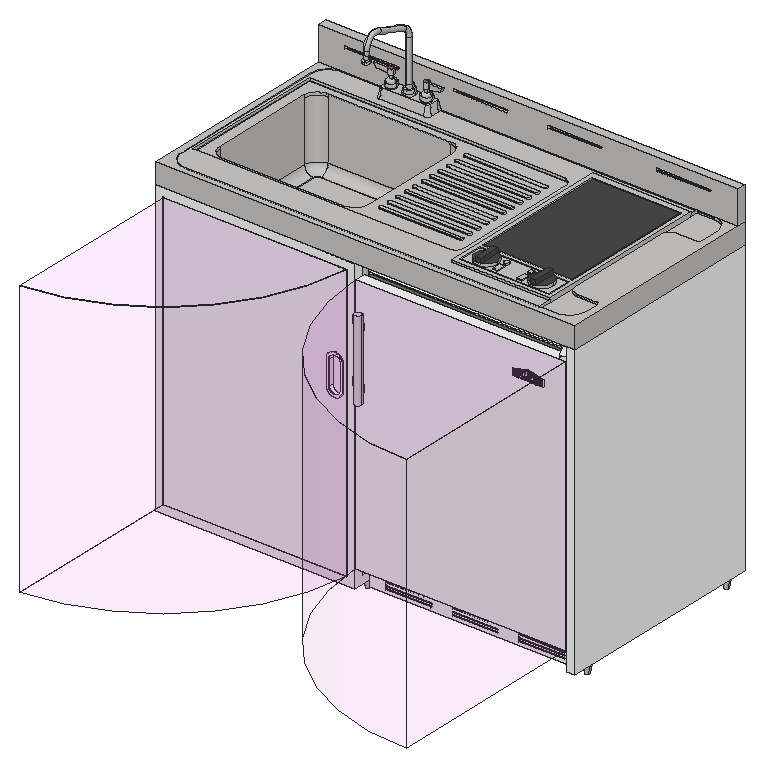
Revit family "QF_Summit_C48ELGLASS_Kitchenette", category Specialty Equipment, Revit 2020 (continued)
Automatic sketch dimensions
  plane 17 to Extrusion 38 sketch curve = 0"
  plane 18 to Extrusion 38 sketch curve = 0"
  Extrusion 38 sketch curve to plane 10 = 4 3/4"
  plane 11 to Extrusion 38 sketch curve = 4 3/4"
  radius of Extrusion 14 sketch curve = 1/8"
  radius of Extrusion 20 sketch curve = 1"
  radius of Extrusion 28 sketch curve = 1 1/4"  (x2)
  radius of Extrusion 29 sketch curve to Extrusion 28 = 0"  (x4)
  radius of Extrusion 30 sketch curve = 0.28156"  (x2)
  radius of Extrusion 34 sketch curve = 1 1/4"  (x2)
  radius of Extrusion 35 sketch curve to Extrusion 34 = 0"  (x4)
  radius of Extrusion 36 sketch curve = 0.28156"  (x2)
  radius of Extrusion 19 sketch curve to Extrusion 3 = 0"  (x2)
Nested families (in)
  nested 1: "CG_FISHER_TYPE 4" at (8, -1, 36.375), type "CG_FISHER_TYPE 4"
    with Type Mark "", Specification by User "", Revision Code "", Item Number "", Installed By "", Identify Quantity as Lot yes, Furnished By "", Foodservice Equipment Identifier yes
  nested 2: "Summit_CT661W" at (22.625, -0.25, 0), Left Hinged Door <- "Show LHD", type "Summit_CT661W"
    with Show Clearance yes, Right Hinged Door yes, Left Hinged Door no
Connectors (in)
  electrical at (45.25484, 0.25, 3.03956), driven by "Volts", driven by "Watts"
    settings: on Extrusion 14, index 2, voltage 115 V, apparent load 2875 VA, apparent load phase1 0 VA, apparent load phase2 0 VA, apparent load phase3 0 VA, power factor 1, load classification "Other", number of poles 1, system type 30, power factor state 1, is connector primary yes, connector utility no, sub classification motor no, connector description "Electrical Connection"
Definition of nested family "CG_FISHER_TYPE 4"
  Parameters (values of type "CG_FISHER_TYPE 4")
    Weight = ""
    URL Manufacturer = ""
    URL Cutsheet = ""
    URL = ""
    Type Mark [instance] = ""
    Specification by User [instance] = ""
    Specification by Manufacturer = ""
    Serial Number = ""
    Seismic Rating = ""
    SMACNA No = ""
    Revision Code [instance] = ""
    Omniclass Number and Title = ""
    NAFEM Spec ID Number = ""
    Model = ""
    MasterSpec. = ""
    Manufacturer = ""
    Item Number [instance] = ""
    Installed By [instance] = ""
    Identify Quantity as Lot [instance] = yes
    Furnished By [instance] = ""
    Foodservice Equipment Identifier [instance] = yes
    Default Elevation = 0"
    CSI MasterFormat = ""
    CSI Master Format = ""
  Reference planes (in)
    plane 1 "BACK": y = 0
    plane 2: z = 0
    plane 3 "LEFT": x = 0
    plane 4 "RIGHT": x = 6
    plane 5 "FRONT": y = -2
    plane 6 "TOP": z = 9.5
    plane 7: x = 3
    plane 8: x = 1
    plane 9: x = 5
    plane 10: z = 6.75
    plane 11: y = -1
    plane 12: y = -7
  Forms (in)
    Blend 1, solid
      base sketch origin (0, 0, 0) x (1, 0, 0) y (0, 1, 0)
        loop
          arc (0.5, 0) -> (0.14645, -0.14645) -> (0, -0.5) r 0.5
          line (0, -0.5) -> (0, -1.5)
          arc (0, -1.5) -> (0.14645, -1.85355) -> (0.5, -2) r 0.5
          line (0.5, -2) -> (5.5, -2)
          arc (5.5, -2) -> (5.85355, -1.85355) -> (6, -1.5) r 0.5
          line (6, -1.5) -> (6, -0.5)
          arc (6, -0.5) -> (5.85355, -0.14645) -> (5.5, 0) r 0.5
          line (5.5, 0) -> (0.5, 0)
      top sketch origin (0, 0, 0) x (1, 0, 0) y (0, 1, 0)
        loop
          line (5.5, -0.25) -> (0.5, -0.25)
          arc (0.5, -0.25) -> (0.32322, -0.32322) -> (0.25, -0.5) r 0.25
          line (0.25, -0.5) -> (0.25, -1.5)
          arc (0.25, -1.5) -> (0.32322, -1.67678) -> (0.5, -1.75) r 0.25
          line (0.5, -1.75) -> (5.5, -1.75)
          arc (5.5, -1.75) -> (5.67678, -1.67678) -> (5.75, -1.5) r 0.25
          line (5.75, -1.5) -> (5.75, -0.5)
          arc (5.75, -0.5) -> (5.67678, -0.32322) -> (5.5, -0.25) r 0.25
      from 0 to 1
    Extrusion 2, solid
      sketch origin (0, -0.09496, -3.5) x (1, 0, 0) y (0, 0, 1)
        loop
          line (4.82421, 6.36488) -> (4.82421, 5.7908) -> (5.75768, 5.80403) -> (6.42048, 5.89366)
          arc (6.42048, 5.89366) -> (6.70947, 6.05462) -> (6.82421, 6.36488) r 0.47687
          line (6.82421, 6.36488) -> (4.82421, 6.36488)
      from 0.77919 to 1.02919
    Revolve 3, solid
      sketch origin (-4.03517, -1, 0) x (1, 0, 0) y (0, 0, 1)
        loop
          line (5.03934, 1) -> (5.03934, 3.02505)
          arc (5.03934, 3.02505) -> (4.87585, 2.98746) -> (4.76133, 2.86488) r 0.2869
          line (4.76133, 2.86488) -> (4.76133, 2.2908) -> (4.87917, 2.2908) -> (4.87917, 1.83261)
          arc (4.87917, 1.83261) -> (4.65407, 1.74222) -> (4.60414, 1.50485) r 0.25731
          line (4.60414, 1.50485) -> (4.45379, 1.50485) -> (4.45379, 1.1768) -> (4.53934, 1.1768) -> (4.53934, 1) -> (5.03934, 1)
        axis (5.03934, 1) -> (5.03934, 3.02505)
      angle from 0 to 360
    Revolve 4, solid
      sketch origin (10.03517, -0.99916, 0) x (-1, 0, 0) y (0, 0, -1)
        loop
          line (5.03934, -1) -> (4.53934, -1) -> (4.53934, -1.1768) -> (4.45379, -1.1768) -> (4.45379, -1.50485) -> (4.60414, -1.50485)
          arc (4.60414, -1.50485) -> (4.65407, -1.74222) -> (4.87917, -1.83261) r 0.25731
          line (4.87917, -1.83261) -> (4.87917, -2.2908) -> (4.76133, -2.2908) -> (4.76133, -2.86488)
          arc (4.76133, -2.86488) -> (4.87585, -2.98746) -> (5.03934, -3.02505) r 0.2869
          line (5.03934, -3.02505) -> (5.03934, -1)
        axis (5.03934, -1) -> (5.03934, -3.02505)
      angle from 0 to 360
    Extrusion 5, solid
      sketch origin (6, -0.09496, -3.5) x (-1, 0, 0) y (0, 0, -1)
        loop
          line (4.82421, -6.36488) -> (6.82421, -6.36488)
          arc (6.82421, -6.36488) -> (6.70947, -6.05462) -> (6.42048, -5.89366) r 0.47687
          line (6.42048, -5.89366) -> (5.75768, -5.80403) -> (4.82421, -5.7908) -> (4.82421, -6.36488)
      from 0.77919 to 1.02919
    Revolve 6, solid
      sketch origin (0, -7, 0) x (1, 0, 0) y (0, 0, 1)
        loop
          line (3, 7.59291) -> (2.75, 7.59291) -> (2.75, 7.16874) -> (2.625, 6.95223) -> (2.625, 6.75) -> (3, 6.75) -> (3, 7.59291)
        axis (3, 6.75) -> (3, 7.59291)
      angle from 0 to 360
    Sweep 7, solid
      path origin (3, 0, 0) x (0, 1, 0) y (0, 0, 1)
        loop
          line (-7, 7.59291) -> (-7, 8.04139)
          arc (-7, 8.04139) -> (-6.46697, 9.06533) -> (-5.32247, 9.21601) r 1.25
          line (-5.32247, 9.21601) -> (-1.75198, 7.91645)
          arc (-1.75198, 7.91645) -> (-1.20668, 7.49803) -> (-1, 6.84252) r 1.14286
          line (-1, 6.84252) -> (-1, 2)
      profile origin (3, -7, 7.81715) x (0, -1, 0) y (1, 0, 0)
        loop
          circle (0, 0) r 0.25
    Revolve 8, solid
      sketch origin (8.03517, -0.9375, -3.5) x (-1, 0, 0) y (0, 0, -1)
        loop
          line (5.03934, -4.5) -> (4.40363, -4.5) -> (4.40363, -4.67045) -> (4.50358, -4.67045) -> (4.50358, -5.02398) -> (4.68786, -5.13038) -> (4.68786, -5.5) -> (5.03934, -5.5) -> (5.03934, -4.5)
        axis (5.03934, -4.5) -> (5.03934, -5.5)
      angle from 0 to 360
  Cuts and joins
    joined: Revolve 6, Sweep 7
  Lines and regions (in)
    symbolic lines
      curve 1: line (2.67337, -7.08919, 0) -> (2.67337, -1, 0)
      curve 2: line (3.29837, -7.08919, 0) -> (3.29837, -1, 0)
      curve 3: arc (3.29837, -1, 0) -> (2.98587, -0.6875, 0) -> (2.67337, -1, 0) r 0.3125
      curve 4: arc (3.29837, -1.40113, 0) -> (2.98587, -0.49151, 0) -> (2.67337, -1.40113, 0) r 0.50849
      curve 5: arc (3.29837, -1.5749, 0) -> (3.01791, -0.35019, 0) -> (2.67337, -1.55844, 0) r 0.6486
      curve 6: line (4.38304, -0.63916, 0) -> (5.00804, -0.27831, 0)
      curve 7: line (5.00804, -0.27831, 0) -> (5.63304, -0.63916, 0)
      curve 8: line (5.63304, -0.63916, 0) -> (5.63304, -1.26764, 0)
      curve 9: line (4.38304, -1.36084, 0) -> (4.38304, -0.63916, 0)
      curve 10: line (5.00804, -1.72169, 0) -> (4.38304, -1.36084, 0)
      curve 11: line (5.23435, -1.59103, 0) -> (5.00804, -1.72169, 0)
      curve 12: arc (5.53526, -1.17341, 0) -> (4.61465, -0.60851, 0) -> (5.18402, -1.52636, 0) r 0.555
      curve 13: arc (5.28147, -0.74178, 0) -> (4.74077, -0.73099, 0) -> (4.75156, -1.27169, 0) r 0.375
      curve 14: arc (4.75156, -1.27169, 0) -> (4.84744, -1.34648, 0) -> (4.96221, -1.38665, 0) r 0.375
      curve 15: arc (5.23435, -1.59103, 0) -> (5.11621, -1.46497, 0) -> (4.96221, -1.38665, 0) r 0.5
      curve 16: line (5.22231, -1.58455, 0) -> (6.43111, -2.61867, 0)
      curve 17: arc (6.43111, -2.61867, 0) -> (6.60796, -2.59971, 0) -> (6.62691, -2.42286, 0) r 0.14168
      curve 18: line (5.58934, -1.21683, 0) -> (6.62691, -2.42286, 0)
      curve 19: arc (5.39644, -0.95243, 0) -> (5.47064, -1.10086, 0) -> (5.58934, -1.21683, 0) r 0.5
      curve 20: arc (5.39644, -0.95243, 0) -> (5.35626, -0.83766, 0) -> (5.28147, -0.74178, 0) r 0.375
      curve 21: line (1.62658, -0.63916, 0) -> (1.00158, -0.27831, 0)
      curve 22: line (1.62658, -1.36084, 0) -> (1.62658, -0.63916, 0)
      curve 23: line (1.00158, -1.72169, 0) -> (1.62658, -1.36084, 0)
      curve 24: line (0.77192, -1.58909, 0) -> (1.00158, -1.72169, 0)
      curve 25: line (0.77192, -1.58909, 0) -> (-0.42292, -2.61705, 0)
      curve 26: arc (-0.61721, -2.42277, 0) -> (-0.59834, -2.59818, 0) -> (-0.42292, -2.61705, 0) r 0.1406
      curve 27: line (0.42029, -1.21683, 0) -> (-0.61721, -2.42277, 0)
      curve 28: arc (0.42029, -1.21683, 0) -> (0.53899, -1.10086, 0) -> (0.61319, -0.95243, 0) r 0.5
      curve 29: arc (1.04741, -1.38665, 0) -> (0.89898, -1.46086, 0) -> (0.78301, -1.57955, 0) r 0.5
      curve 30: arc (1.04741, -1.38665, 0) -> (1.16218, -1.34648, 0) -> (1.25806, -1.27169, 0) r 0.375
      curve 31: arc (1.25806, -1.27169, 0) -> (1.26885, -0.73099, 0) -> (0.72816, -0.74178, 0) r 0.375
      curve 32: arc (0.72816, -0.74178, 0) -> (0.65337, -0.83766, 0) -> (0.61319, -0.95243, 0) r 0.375
      curve 33: circle (1.00158, -1, 0) r 0.225 normal (0, 0, 1)
      curve 34: line (1.00158, -0.27831, 0) -> (0.37658, -0.63916, 0)
      curve 35: line (0.37658, -0.63916, 0) -> (0.37658, -1.26764, 0)
      curve 36: arc (0.82561, -1.52636, 0) -> (1.39498, -0.60851, 0) -> (0.47437, -1.17341, 0) r 0.555
      curve 37: arc (2.67337, -6.68325, 0) -> (2.98587, -7.60148, 0) -> (3.29837, -6.68325, 0) r 0.51229
      curve 38: arc (2.67337, -7.08919, 0) -> (2.98587, -7.40169, 0) -> (3.29837, -7.08919, 0) r 0.3125
      curve 39: line (3.29837, -2, 0) -> (5.51871, -2, 0)
      curve 40: line (6, -1.5, 0) -> (6, -0.5, 0)
      curve 41: line (5.5, 0, 0) -> (0.5, 0, 0)
      curve 42: line (0, -0.5, 0) -> (0, -1.5, 0)
      curve 43: line (0.5, -2, 0) -> (2.67337, -2, 0)
      curve 44: line (0.58489, -1.75, 0) -> (2.67337, -1.75, 0)
      curve 45: line (3.29837, -1.75, 0) -> (5.41571, -1.75, 0)
      curve 46: line (0.5, -0.25, 0) -> (5.5, -0.25, 0)
      curve 47: arc (5.75, -0.5, 0) -> (5.67678, -0.32322, 0) -> (5.5, -0.25, 0) r 0.25
      curve 48: arc (0.5, -0.25, 0) -> (0.32322, -0.32322, 0) -> (0.25, -0.5, 0) r 0.25
      curve 49: line (0.25, -1.41477, 0) -> (0.25, -0.5, 0)
      curve 50: line (5.75, -0.5, 0) -> (5.75, -1.40358, 0)
      curve 51: line (0.05911, -1.63665, 0) -> (0, -1.5, 0)
      curve 52: line (0.5, -2, 0) -> (0.35546, -1.94739, 0)
      curve 53: line (5.64118, -1.94289, 0) -> (5.51871, -2, 0)
      curve 54: line (5.94504, -1.63028, 0) -> (6, -1.5, 0)
      curve 55: arc (5.5, 0, 0) -> (5.85355, -0.14645, 0) -> (6, -0.5, 0) r 0.5
      curve 56: arc (0, -0.5, 0) -> (0.14645, -0.14645, 0) -> (0.5, 0, 0) r 0.5
      curve 57: circle (4.99842, -1, 0) r 0.225 normal (0, 0, -1)
  Dimensions and locks (in)
    equal spacing: plane 4 "RIGHT", plane 7, plane 3 "LEFT"
    plane 6 "TOP" to plane 2 = 9 1/2"
    aligned and locked: level to plane 2
  Automatic sketch dimensions
    Blend 1 sketch curve to plane 3 "LEFT" = 0"
    plane 5 "FRONT" to Blend 1 sketch curve = 0"
    plane 1 "BACK" to Blend 1 sketch curve = 0"
    Blend 1 sketch curve to plane 4 "RIGHT" = 0"
    plane 3 "LEFT" to Blend 1 sketch curve = 1/2"  (x2)
    Blend 1 sketch curve to plane 4 "RIGHT" = 1/2"  (x3)
    plane 1 "BACK" to Blend 1 sketch curve = 1/2"  (x2)
    plane 3 "LEFT" to Blend 1 sketch curve = 1/4"
    Blend 1 sketch curve to Blend 1 sketch curve = 1/4"  (x3)
    Blend 1 sketch curve to plane 5 "FRONT" = 1/4"
    plane 9 to Extrusion 2 sketch curve = 45/256"
    Extrusion 2 sketch curve to plane 4 "RIGHT" = 0.24232"
    plane 4 "RIGHT" to Extrusion 2 sketch curve = 0.34735"
    plane 4 "RIGHT" to Extrusion 2 sketch curve = 0.42048"
    Extrusion 2 sketch curve to plane 10 = 3.88512"
    Extrusion 2 sketch curve to Extrusion 2 sketch curve = 0.47687"
    Extrusion 2 sketch curve to Extrusion 2 sketch curve = 0.08963"
    Extrusion 2 sketch curve to Extrusion 2 sketch curve = 0.57408"
    plane 8 to Extrusion 5 sketch curve = 45/256"
    plane 3 "LEFT" to Extrusion 5 sketch curve = 0.24232"
    Extrusion 5 sketch curve to plane 3 "LEFT" = 0.34735"
    Extrusion 5 sketch curve to plane 3 "LEFT" = 0.42048"
    Extrusion 5 sketch curve to plane 10 = 3.88512"
    Extrusion 5 sketch curve to Extrusion 5 sketch curve = 0.47687"
    Extrusion 5 sketch curve to Extrusion 5 sketch curve = 0.08963"
    Extrusion 5 sketch curve to Extrusion 5 sketch curve = 0.57408"
    Revolve 6 sketch curve to plane 10 = 0"
    plane 7 to Revolve 6 sketch curve = 0"  (x2)
    Revolve 6 sketch curve to Revolve 6 sketch curve = 1/4"
    Revolve 6 sketch curve to Revolve 6 sketch curve = 1/8"
    plane 10 to Revolve 6 sketch curve = 0.20223"
    Revolve 6 sketch curve to Revolve 6 sketch curve = 0.21651"
    Revolve 6 sketch curve to Revolve 6 sketch curve = 0.42418"
    Revolve 6 sketch curve to Revolve 6 sketch curve = 0.09934"
    Revolve 6 sketch curve to Revolve 6 sketch curve = 0.33586"
    plane 7 to Revolve 8 sketch curve = 0.63154"
    Revolve 8 sketch curve to Revolve 8 sketch curve = 0.09994"
    Revolve 8 sketch curve to Revolve 8 sketch curve = 0.18428"
    Revolve 8 sketch curve to plane 7 = 0.00417"  (x2)
    Revolve 8 sketch curve to plane 10 = 3.2092"
    Revolve 8 sketch curve to plane 10 = 4 3/4"
    Revolve 8 sketch curve to Revolve 8 sketch curve = 0.5408"
    Revolve 8 sketch curve to Revolve 8 sketch curve = 0.36962"
    Revolve 8 sketch curve to Revolve 8 sketch curve = 0.1064"
    Revolve 8 sketch curve to Revolve 8 sketch curve = 0.35353"
    Revolve 8 sketch curve to Revolve 8 sketch curve = 0.17045"
    Revolve 3 sketch curve to plane 8 = 0.0161"
    Revolve 3 sketch curve to plane 8 = 0.156"
    Revolve 3 sketch curve to plane 8 = 0.18399"
    Revolve 3 sketch curve to Revolve 3 sketch curve = 0.11783"
    Revolve 3 sketch curve to Revolve 3 sketch curve = 0.24704"
    Revolve 3 sketch curve to plane 8 = 0.49583"
    Revolve 3 sketch curve to Revolve 3 sketch curve = 0.08555"
    plane 8 to Revolve 3 sketch curve = 0.00417"  (x2)
    level to Revolve 3 sketch curve = 1"
    Revolve 3 sketch curve to Revolve 3 sketch curve = 0.1768"
    Revolve 3 sketch curve to Revolve 3 sketch curve = 0.32805"
    Revolve 3 sketch curve to Revolve 3 sketch curve = 0.07197"
    Revolve 3 sketch curve to Revolve 3 sketch curve = 0.45819"
    Revolve 3 sketch curve to Revolve 3 sketch curve = 1/4"
    Revolve 3 sketch curve to Revolve 3 sketch curve = 0.19807"
    Revolve 3 sketch curve to Revolve 3 sketch curve = 0.12601"
    plane 10 to Revolve 3 sketch curve = 0.2908"
    Revolve 4 sketch curve to plane 9 = 0.0161"
    Revolve 4 sketch curve to plane 9 = 0.156"
    Revolve 4 sketch curve to plane 9 = 0.18399"
    Revolve 4 sketch curve to plane 9 = 0.27384"
    Revolve 4 sketch curve to Revolve 4 sketch curve = 0.24704"
    Revolve 4 sketch curve to plane 9 = 0.49583"
    Revolve 4 sketch curve to Revolve 4 sketch curve = 0.08555"
    plane 9 to Revolve 4 sketch curve = 0.00417"  (x2)
    level to Revolve 4 sketch curve = 1"
    Revolve 4 sketch curve to Revolve 4 sketch curve = 0.1768"
    Revolve 4 sketch curve to Revolve 4 sketch curve = 0.32805"
    Revolve 4 sketch curve to Revolve 4 sketch curve = 0.07197"
    Revolve 4 sketch curve to Revolve 4 sketch curve = 0.45819"
    Revolve 4 sketch curve to Revolve 4 sketch curve = 1/4"
    Revolve 4 sketch curve to Revolve 4 sketch curve = 0.19807"
    Revolve 4 sketch curve to Revolve 4 sketch curve = 0.12601"
    plane 10 to Revolve 4 sketch curve = 0.2908"
    curve 3 to curve 4 = 0"  (x2)
    curve 30 to curve 32 = 0"  (x2)
    curve 33 to curve 36 = 0"  (x2)
    curve 37 to curve 38 = 0"  (x2)
    curve 47 to curve 55 = 0"  (x2)
    curve 48 to curve 56 = 0"  (x2)
    curve 42 to plane 3 "LEFT" = 0"
    plane 5 "FRONT" to curve 43 = 0"
    plane 1 "BACK" to curve 56 = 0"
    curve 36 to plane 11 = 0"
    curve 3 to plane 11 = 0"
    plane 5 "FRONT" to curve 39 = 0"
    curve 57 to plane 11 = 0"
    curve 12 to plane 11 = 0"
    curve 54 to plane 4 "RIGHT" = 0"
    curve 26 to plane 3 "LEFT" = 0.42292"
    curve 26 to curve 25 = 0.07599"
    curve 27 to curve 26 = 0.11829"
    plane 3 "LEFT" to curve 51 = 0.05911"
    plane 3 "LEFT" to curve 28 = 0.13506"
    curve 56 to curve 49 = 1/4"
    curve 52 to plane 5 "FRONT" = 0.05261"
    plane 3 "LEFT" to curve 52 = 91/256"
    curve 49 to curve 35 = 0.12658"
    curve 35 to curve 28 = 0.04371"
    curve 28 to curve 36 = 0.05408"
    curve 52 to curve 43 = 37/256"
    curve 48 to curve 46 = 1/4"
    curve 43 to curve 44 = 0.08489"
    plane 11 to curve 28 = 0.04757"
    curve 36 to curve 28 = 0.13882"
    curve 28 to curve 32 = 0.11497"
    curve 24 to plane 8 = 0.22808"
    curve 24 to curve 29 = 0.01109"
    curve 29 to curve 36 = 0.0426"
    curve 32 to plane 8 = 0.01747"
    plane 8 to curve 36 = 0.00158"
    plane 8 to curve 21 = 0.00158"
    plane 8 to curve 23 = 0.00158"
    plane 8 to curve 31 = 0.00369"
    plane 8 to curve 30 = 0.04741"
    plane 8 to curve 29 = 0.19367"
    curve 29 to curve 31 = 0.21065"
    plane 8 to curve 22 = 0.62658"
    curve 1 to plane 12 = 0.08919"
    curve 1 to plane 7 = 0.32663"
    curve 37 to plane 7 = 0.01413"
    plane 7 to curve 5 = 0.00083"
    plane 9 to curve 6 = 0.61696"
    plane 9 to curve 13 = 0.24844"
    plane 9 to curve 15 = 0.18405"
    plane 9 to curve 15 = 0.03779"
    plane 9 to curve 57 = 0.00158"
    plane 11 to curve 13 = 0.00384"
    curve 13 to plane 9 = 0.00594"
    curve 11 to plane 9 = 0.00804"
    curve 7 to plane 9 = 0.00804"
    curve 13 to curve 12 = 0.00211"
    curve 12 to curve 20 = 0.01905"
    curve 20 to curve 14 = 0"
    curve 12 to plane 9 = 0.18402"
    curve 12 to curve 16 = 0.0383"
    curve 16 to curve 15 = 0.01204"
    curve 13 to plane 9 = 0.28147"
    plane 11 to curve 19 = 0.04757"
    curve 13 to curve 19 = 0.11497"
    curve 11 to curve 45 = 0.18136"
    curve 41 to plane 4 "RIGHT" = 1/2"
    curve 45 to curve 39 = 0.103"
    curve 12 to plane 11 = 0.17341"
    curve 20 to curve 12 = 0.13882"
    curve 12 to curve 19 = 0.05408"
    curve 18 to curve 8 = 0.04371"
    curve 53 to plane 5 "FRONT" = 0.05711"
    curve 39 to curve 53 = 0.12247"
    curve 19 to plane 4 "RIGHT" = 0.12544"
    curve 54 to plane 4 "RIGHT" = 0.05496"
    plane 4 "RIGHT" to curve 17 = 0.43111"
    curve 16 to curve 17 = 0.07667"
    curve 17 to curve 18 = 0.11914"
    plane 12 to curve 37 = 0.31675"
    plane 5 "FRONT" to curve 17 = 0.61867"
    plane 5 "FRONT" to curve 26 = 0.61705"
    curve 17 to curve 17 = 0.11914"
    curve 25 to curve 26 = 0.11829"
    curve 15 to plane 5 "FRONT" = 0.13522"
    curve 29 to plane 5 "FRONT" = 0.13522"
    curve 29 to curve 24 = 0.14309"
    curve 15 to curve 10 = 0.14309"
    curve 52 to curve 51 = 0.31074"
    curve 45 to curve 5 = 0.1751"
    curve 44 to curve 5 = 0.19156"
    curve 51 to curve 51 = 0.13665"
    curve 54 to curve 54 = 0.13028"
    curve 5 to curve 4 = 0.15731"
    curve 9 to plane 11 = 0.36084"
    curve 22 to plane 11 = 0.36084"
    curve 29 to curve 30 = 0.11497"
    curve 14 to curve 13 = 0.11497"
    plane 11 to curve 21 = 0.36084"
    plane 11 to curve 6 = 0.36084"
    curve 8 to curve 47 = 0.13916"
    curve 34 to curve 48 = 0.13916"
    plane 1 "BACK" to curve 34 = 0.27831"
    plane 1 "BACK" to curve 7 = 0.27831"
    Sweep 7 sketch curve to profile plane = 0"  (x2)
    Sweep 7 sketch curve to plane 12 = 0"
    Sweep 7 sketch curve to plane 11 = 0"
    plane 12 to Sweep 7 sketch curve = 1 1/4"
    Sweep 7 sketch curve to plane 6 "TOP" = 0.28399"
    Sweep 7 sketch curve to Sweep 7 sketch curve = 0.42753"
    plane 5 "FRONT" to Sweep 7 sketch curve = 0.14286"
    Sweep 7 sketch curve to plane 5 "FRONT" = 0.24802"
    plane 10 to Sweep 7 sketch curve = 1.16645"
    Sweep 7 sketch curve to Sweep 7 sketch curve = 0.44847"
    level to Sweep 7 sketch curve = 2"
    radius of curve 33 = 0.225"
    radius of curve 57 = 0.225"
    radius of Sweep 7 sketch curve = 1/4"
Definition of nested family "Summit_CT661W"
  Parameters (values of type "Summit_CT661W")
    Show Clearance [instance] = yes
    Right Hinged Door [instance] = not(Left Hinged Door)  # yes
    Model = "CT661W"
    Manufacturer = "Summit"
    Length = 23 5/8"
    Left Hinged Door [instance] = no
    Height = 32 1/4"
    Description = "Refrigerator-Freezer"
    Depth = 23"
    Default Elevation = 0"
  Reference planes (in)
    plane 1: z = 0
    plane 2 "LEFT": x = 0
    plane 3 "RIGHT": x = 23.625
    plane 4 "FRONT": y = -23.75
    plane 5 "TOP": z = 32.25
    plane 6 "Center Y": x = 11.8125
    plane 7 "Center X": y = -12.25
    plane 8 "BACK": y = -0.75
    plane 9 "Base Heigth": z = 0.375
    plane 10: y = -46.125
    plane 11: z = 32.625
  Forms (in)
    Extrusion 1, solid
      sketch origin (0, 0, 0) x (1, 0, 0) y (0, 1, 0)
        loop
          line (0, -2) -> (0, -21.75) -> (23.625, -21.75) -> (23.625, -2) -> (0, -2)
      from 0.375 to 32.25
    Extrusion 2, solid
      sketch origin (0, 0, 1.125) x (-1, 0, 0) y (0, -1, 0)
        loop
          line (0, 22.5) -> (0, 23.75) -> (-23.625, 23.75) -> (-23.625, 22.5) -> (0, 22.5)
      from 1.9375 to 31.125
    Extrusion 3, solid
      sketch origin (0.125, -2, 0) x (1, 0, 0) y (0, 0, -1)
        loop
          circle (17.5, -1.375) r 0.25
      from 0 to 0.0625
    Extrusion 4, solid, visible <- "Right Hinged Door"
      sketch origin (0, 0, 32.25) x (1, 0, 0) y (0, 1, 0)
        loop
          line (23.40263, -19.21924) -> (20.90263, -19.21924)
          arc (20.90263, -19.21924) -> (20.79649, -19.27822) -> (20.79051, -19.39949) r 0.125
          line (20.79051, -19.39949) -> (22.81626, -23.51001)
          arc (22.81626, -23.51001) -> (23.23774, -23.70945) -> (23.52763, -23.34424) r 0.375
          line (23.52763, -23.34424) -> (23.52763, -19.34424)
          arc (23.52763, -19.34424) -> (23.49102, -19.25585) -> (23.40263, -19.21924) r 0.125
      from 0.375 to 0
    Revolve 5, solid
      sketch origin (0, -18.75, 0) x (1, 0, 0) y (0, 0, 1)
        loop
          line (20.625, 0.375) -> (20.625, 0) -> (21.125, 0) -> (21.125, 0.25) -> (20.78125, 0.25) -> (20.78125, 0.375) -> (20.625, 0.375)
        axis (20.625, 0) -> (20.625, 0.375)
      angle from 0 to 360
    Revolve 6, solid
      sketch origin (0, -5, 0) x (1, 0, 0) y (0, 0, 1)
        loop
          line (20.625, 0.375) -> (20.625, 0) -> (21.125, 0) -> (21.125, 0.25) -> (20.78125, 0.25) -> (20.78125, 0.375) -> (20.625, 0.375)
        axis (20.625, 0) -> (20.625, 0.375)
      angle from 0 to 360
    Extrusion 7, solid, visible <- "Right Hinged Door"
      sketch origin (0, 0, 0.375) x (-1, 0, 0) y (0, -1, 0)
        loop
          line (-23.625, 46.11391) -> (-23.625, 23.75) -> (0.00412, 23.75)
          arc (0.00412, 23.75) -> (-7.15509, 39.85068) -> (-23.625, 46.11391) r 22.92272
      from 2.6875 to 31.875
    Extrusion 8, solid
      sketch origin (23.5, -21.75, 0) x (-1, 0, 0) y (0, 0, -1)
        loop
          line (0.0625, -32.0625) -> (23.25, -32.0625) -> (23.25, -3.9375) -> (0.0625, -3.9375) -> (0.0625, -32.0625)
      from 0 to 0.75
    Extrusion 9, solid, visible <- "Right Hinged Door"
      sketch origin (0, 0, 32.25) x (-1, 0, 0) y (0, -1, 0)
        loop
          circle (-1.25, 25) r 0.375
      from -11.5 to -2.5
    Extrusion 10, solid, visible <- "Right Hinged Door"
      sketch origin (0, 0, 32.25) x (-1, 0, 0) y (0, -1, 0)
        loop
          line (-1.5, 24.72049) -> (-1.5, 24.56699)
          arc (-1.5, 24.56699) -> (-1.37941, 24.51704) -> (-1.25, 24.5) r 0.5
          arc (-1.25, 24.5) -> (-1.12181, 24.51671) -> (-1.00219, 24.56573) r 0.5
          arc (-1.00219, 24.56573) -> (-0.94801, 24.57877) -> (-0.89527, 24.56079) r 0.1
          line (-0.89527, 24.56079) -> (-0.04264, 23.96378)
          arc (-0.04264, 23.96378) -> (-0.0113, 23.92804) -> (0, 23.88186) r 0.1
          line (0, 23.88186) -> (0, 22.88186) -> (0.125, 22.88186) -> (0.125, 23.94693)
          arc (0.125, 23.94693) -> (0.1137, 23.99311) -> (0.08236, 24.02885) r 0.1
          line (0.08236, 24.02885) -> (-0.96185, 24.76001)
          arc (-0.96185, 24.76001) -> (-1.22254, 24.62601) -> (-1.5, 24.72049) r 0.375
      from -4.25 to -3.5
    Extrusion 11, solid, visible <- "Right Hinged Door"
      sketch origin (0, 0, 26) x (-1, 0, 0) y (0, -1, 0)
        loop
          line (-1.5, 24.72049) -> (-1.5, 24.56699)
          arc (-1.5, 24.56699) -> (-1.37941, 24.51704) -> (-1.25, 24.5) r 0.5
          arc (-1.25, 24.5) -> (-1.12181, 24.51671) -> (-1.00219, 24.56573) r 0.5
          arc (-1.00219, 24.56573) -> (-0.94801, 24.57877) -> (-0.89527, 24.56079) r 0.1
          line (-0.89527, 24.56079) -> (-0.04264, 23.96378)
          arc (-0.04264, 23.96378) -> (-0.0113, 23.92804) -> (0, 23.88186) r 0.1
          line (0, 23.88186) -> (0, 22.88186) -> (0.125, 22.88186) -> (0.125, 23.94693)
          arc (0.125, 23.94693) -> (0.1137, 23.99311) -> (0.08236, 24.02885) r 0.1
          line (0.08236, 24.02885) -> (-0.96185, 24.76001)
          arc (-0.96185, 24.76001) -> (-1.22254, 24.62601) -> (-1.5, 24.72049) r 0.375
      from -4.25 to -3.5
    Revolve 12, solid
      sketch origin (23.625, -18.75, 0) x (-1, 0, 0) y (0, 0, -1)
        loop
          line (20.625, -0.375) -> (20.78125, -0.375) -> (20.78125, -0.25) -> (21.125, -0.25) -> (21.125, 0) -> (20.625, 0) -> (20.625, -0.375)
        axis (20.625, 0) -> (20.625, -0.375)
      angle from 0 to 360
    Revolve 13, solid
      sketch origin (23.625, -5, 0) x (-1, 0, 0) y (0, 0, -1)
        loop
          line (20.625, -0.375) -> (20.78125, -0.375) -> (20.78125, -0.25) -> (21.125, -0.25) -> (21.125, 0) -> (20.625, 0) -> (20.625, -0.375)
        axis (20.625, 0) -> (20.625, -0.375)
      angle from 0 to 360
    Extrusion 14, solid
      sketch origin (23.5, -21.75, 0) x (-1, 0, 0) y (0, 0, -1)
        loop
          line (23.5, -2.8125) -> (23.5, -0.375) -> (-0.125, -0.375) -> (-0.125, -2.8125) -> (23.5, -2.8125)
        loop
          line (21.6875, -2.46875) -> (16.4375, -2.46875) -> (16.4375, -2.65625) -> (21.6875, -2.65625) -> (21.6875, -2.46875)
        loop
          line (21.6875, -2.125) -> (16.4375, -2.125) -> (16.4375, -2.3125) -> (21.6875, -2.3125) -> (21.6875, -2.125)
        loop
          line (16.4375, -1.96875) -> (21.6875, -1.96875) -> (21.6875, -1.78125) -> (16.4375, -1.78125) -> (16.4375, -1.96875)
        loop
          line (16.4375, -1.625) -> (21.6875, -1.625) -> (21.6875, -1.4375) -> (16.4375, -1.4375) -> (16.4375, -1.625)
        loop
          line (16.4375, -1.28125) -> (21.6875, -1.28125) -> (21.6875, -1.09375) -> (16.4375, -1.09375) -> (16.4375, -1.28125)
        loop
          line (16.4375, -0.9375) -> (21.6875, -0.9375) -> (21.6875, -0.75) -> (16.4375, -0.75) -> (16.4375, -0.9375)
        loop
          line (14.1875, -2.46875) -> (8.9375, -2.46875) -> (8.9375, -2.65625) -> (14.1875, -2.65625) -> (14.1875, -2.46875)
        loop
          line (8.9375, -2.3125) -> (14.1875, -2.3125) -> (14.1875, -2.125) -> (8.9375, -2.125) -> (8.9375, -2.3125)
        loop
          line (8.9375, -1.96875) -> (14.1875, -1.96875) -> (14.1875, -1.78125) -> (8.9375, -1.78125) -> (8.9375, -1.96875)
        loop
          line (8.9375, -1.625) -> (14.1875, -1.625) -> (14.1875, -1.4375) -> (8.9375, -1.4375) -> (8.9375, -1.625)
        loop
          line (8.9375, -1.28125) -> (14.1875, -1.28125) -> (14.1875, -1.09375) -> (8.9375, -1.09375) -> (8.9375, -1.28125)
        loop
          line (8.9375, -0.9375) -> (14.1875, -0.9375) -> (14.1875, -0.75) -> (8.9375, -0.75) -> (8.9375, -0.9375)
        loop
          line (6.6875, -2.65625) -> (6.6875, -2.46875) -> (1.4375, -2.46875) -> (1.4375, -2.65625) -> (6.6875, -2.65625)
        loop
          line (6.6875, -2.3125) -> (6.6875, -2.125) -> (1.4375, -2.125) -> (1.4375, -2.3125) -> (6.6875, -2.3125)
        loop
          line (6.6875, -1.96875) -> (6.6875, -1.78125) -> (1.4375, -1.78125) -> (1.4375, -1.96875) -> (6.6875, -1.96875)
        loop
          line (6.6875, -1.625) -> (6.6875, -1.4375) -> (1.4375, -1.4375) -> (1.4375, -1.625) -> (6.6875, -1.625)
        loop
          line (6.6875, -1.28125) -> (6.6875, -1.09375) -> (1.4375, -1.09375) -> (1.4375, -1.28125) -> (6.6875, -1.28125)
        loop
          line (6.6875, -0.9375) -> (6.6875, -0.75) -> (1.4375, -0.75) -> (1.4375, -0.9375) -> (6.6875, -0.9375)
      from 0 to 0.0625
    Extrusion 15, solid
      sketch origin (0, 0, 0.375) x (-1, 0, 0) y (0, -1, 0)
        loop
          line (-0.83946, 1.0625) -> (-1.58946, 1.0625) -> (-1.58946, 0.9375) -> (-0.71446, 0.9375) -> (-0.71446, 1.875) -> (0, 1.875) -> (0, 2) -> (-0.83946, 2) -> (-0.83946, 1.0625)
        loop
          line (-22.84804, 1.0625) -> (-22.84804, 2) -> (-23.625, 2) -> (-23.625, 1.875) -> (-22.97304, 1.875) -> (-22.97304, 0.9375) -> (-22.09804, 0.9375) -> (-22.09804, 1.0625) -> (-22.84804, 1.0625)
      from 3.625 to 31.875
    Extrusion 16, solid
      sketch origin (22.09804, -0.9375, 0.375) x (1, 0, 0) y (0, 0, -1)
        loop
          line (-21.03554, -31.875) -> (0.51871, -31.875) -> (0.51871, -3.625) -> (-21.03554, -3.625) -> (-21.03554, -31.875)
      from 0 to 0.1875
    Extrusion 17, solid, visible <- "Left Hinged Door"
      sketch origin (23.625, 0, 32.25) x (-1, 0, 0) y (0, -1, 0)
        loop
          arc (23.40263, 19.21924) -> (23.49102, 19.25585) -> (23.52763, 19.34424) r 0.125
          line (23.52763, 19.34424) -> (23.52763, 23.34424)
          arc (23.52763, 23.34424) -> (23.23774, 23.70945) -> (22.81626, 23.51001) r 0.375
          line (22.81626, 23.51001) -> (20.79051, 19.39949)
          arc (20.79051, 19.39949) -> (20.79649, 19.27822) -> (20.90263, 19.21924) r 0.125
          line (20.90263, 19.21924) -> (23.40263, 19.21924)
      from 0.375 to 0
    Extrusion 18, solid, visible <- "Left Hinged Door"
      sketch origin (23.625, 0, 0.375) x (1, 0, 0) y (0, 1, 0)
        loop
          arc (-23.625, -46.11391) -> (-7.15509, -39.85068) -> (0.00412, -23.75) r 22.92272
          line (0.00412, -23.75) -> (-23.625, -23.75) -> (-23.625, -46.11391)
      from 2.6875 to 31.875
    Extrusion 19, solid, visible <- "Left Hinged Door"
      sketch origin (23.625, 0, 32.25) x (1, 0, 0) y (0, 1, 0)
        loop
          circle (-1.25, -25) r 0.375
      from -11.5 to -2.5
    Extrusion 20, solid, visible <- "Left Hinged Door"
      sketch origin (23.625, 0, 32.25) x (1, 0, 0) y (0, 1, 0)
        loop
          arc (-1.5, -24.72049) -> (-1.22254, -24.62601) -> (-0.96185, -24.76001) r 0.375
          line (-0.96185, -24.76001) -> (0.08236, -24.02885)
          arc (0.08236, -24.02885) -> (0.1137, -23.99311) -> (0.125, -23.94693) r 0.1
          line (0.125, -23.94693) -> (0.125, -22.88186) -> (0, -22.88186) -> (0, -23.88186)
          arc (0, -23.88186) -> (-0.0113, -23.92804) -> (-0.04264, -23.96378) r 0.1
          line (-0.04264, -23.96378) -> (-0.89527, -24.56079)
          arc (-0.89527, -24.56079) -> (-0.94801, -24.57877) -> (-1.00219, -24.56573) r 0.1
          arc (-1.00219, -24.56573) -> (-1.12181, -24.51671) -> (-1.25, -24.5) r 0.5
          arc (-1.25, -24.5) -> (-1.37941, -24.51704) -> (-1.5, -24.56699) r 0.5
          line (-1.5, -24.56699) -> (-1.5, -24.72049)
      from -4.25 to -3.5
    Extrusion 21, solid, visible <- "Left Hinged Door"
      sketch origin (23.625, 0, 26) x (1, 0, 0) y (0, 1, 0)
        loop
          arc (-1.5, -24.72049) -> (-1.22254, -24.62601) -> (-0.96185, -24.76001) r 0.375
          line (-0.96185, -24.76001) -> (0.08236, -24.02885)
          arc (0.08236, -24.02885) -> (0.1137, -23.99311) -> (0.125, -23.94693) r 0.1
          line (0.125, -23.94693) -> (0.125, -22.88186) -> (0, -22.88186) -> (0, -23.88186)
          arc (0, -23.88186) -> (-0.0113, -23.92804) -> (-0.04264, -23.96378) r 0.1
          line (-0.04264, -23.96378) -> (-0.89527, -24.56079)
          arc (-0.89527, -24.56079) -> (-0.94801, -24.57877) -> (-1.00219, -24.56573) r 0.1
          arc (-1.00219, -24.56573) -> (-1.12181, -24.51671) -> (-1.25, -24.5) r 0.5
          arc (-1.25, -24.5) -> (-1.37941, -24.51704) -> (-1.5, -24.56699) r 0.5
          line (-1.5, -24.56699) -> (-1.5, -24.72049)
      from -4.25 to -3.5
  Lines and regions (in)
    symbolic lines, visible <- "Right Hinged Door"
      curve 1: arc (-0.00418, -23.74759, 0.375) -> (0.95847, -29.79707, 0.375) -> (3.48885, -35.37561, 0.375) r 22.92272
      curve 2: line (23.62918, -23.74759, 0.375) -> (3.48885, -35.37561, 0.375)
      curve 4: line (-0.08236, -24.02885, 0.375) -> (0.96185, -24.76001, 0.375)
      curve 5: line (1.5, -24.72049, 0.375) -> (1.5, -24.56699, 0.375)
      curve 6: arc (1.5, -24.56699, 0.375) -> (1.37941, -24.51704, 0.375) -> (1.25, -24.5, 0.375) r 0.5
      curve 7: arc (1.25, -24.5, 0.375) -> (1.12181, -24.51671, 0.375) -> (1.00219, -24.56573, 0.375) r 0.5
      curve 8: arc (1.00219, -24.56573, 0.375) -> (0.94801, -24.57877, 0.375) -> (0.89527, -24.56079, 0.375) r 0.1
      curve 9: line (0.89527, -24.56079, 0.375) -> (0.04264, -23.96378, 0.375)
      curve 10: arc (0.04264, -23.96378, 0.375) -> (0.0113, -23.92804, 0.375) -> (0, -23.88186, 0.375) r 0.1
      curve 11: line (-0.125, -23.75, 0.375) -> (-0.125, -23.94693, 0.375)
      curve 12: arc (-0.125, -23.94693, 0.375) -> (-0.1137, -23.99311, 0.375) -> (-0.08236, -24.02885, 0.375) r 0.1
      curve 13: arc (0.875, -25, 0.375) -> (1.25, -25.375, 0.375) -> (1.625, -25, 0.375) r 0.375
      curve 14: arc (1.625, -25, 0.375) -> (1.25, -24.625, 0.375) -> (0.875, -25, 0.375) r 0.375
    symbolic lines
      curve 3: line (0, -23.75, 0.375) -> (0, -23.88186, 0.375)
    symbolic lines, visible <- "Left Hinged Door"
      curve 15: arc (23.62918, -23.74759, 0.375) -> (22.66653, -29.79707, 0.375) -> (20.13615, -35.37561, 0.375) r 22.92272
      curve 16: line (0, -23.75, 0.375) -> (20.13615, -35.37561, 0.375)
      curve 17: line (23.70736, -24.02885, 0.375) -> (22.66315, -24.76001, 0.375)
      curve 18: line (22.125, -24.72049, 0.375) -> (22.125, -24.56699, 0.375)
      curve 19: arc (22.125, -24.56699, 0.375) -> (22.24559, -24.51704, 0.375) -> (22.375, -24.5, 0.375) r 0.5
      curve 20: arc (22.375, -24.5, 0.375) -> (22.50319, -24.51671, 0.375) -> (22.62281, -24.56573, 0.375) r 0.5
      curve 21: arc (22.62281, -24.56573, 0.375) -> (22.67699, -24.57877, 0.375) -> (22.72973, -24.56079, 0.375) r 0.1
      curve 22: line (22.72973, -24.56079, 0.375) -> (23.58236, -23.96378, 0.375)
      curve 23: arc (23.58236, -23.96378, 0.375) -> (23.6137, -23.92804, 0.375) -> (23.625, -23.88186, 0.375) r 0.1
      curve 24: line (23.75, -23.75, 0.375) -> (23.75, -23.94693, 0.375)
      curve 25: arc (23.75, -23.94693, 0.375) -> (23.7387, -23.99311, 0.375) -> (23.70736, -24.02885, 0.375) r 0.1
      curve 26: arc (22.75, -25, 0.375) -> (22.375, -25.375, 0.375) -> (22, -25, 0.375) r 0.375
      curve 27: arc (22, -25, 0.375) -> (22.375, -24.625, 0.375) -> (22.75, -25, 0.375) r 0.375
  Dimensions and locks (in)
    equal spacing: plane 2 "LEFT", plane 6 "Center Y", plane 3 "RIGHT"
    "Length": plane 2 "LEFT" to plane 3 "RIGHT"
    equal spacing: plane 4 "FRONT", plane 7 "Center X", plane 8 "BACK"
    "Height": plane 5 "TOP" to level
    plane 3 "RIGHT" to plane 2 "LEFT" = 23 5/8"
    plane 5 "TOP" to level = 32 1/4"
    "Depth": plane 4 "FRONT" to plane 8 "BACK"
    plane 10 to plane 8 "BACK" = 45 3/8"
    plane 9 "Base Heigth" to level = 3/8"
    plane 11 to plane 5 "TOP" = 3/8"
    aligned and locked: level to plane 1
  Automatic sketch dimensions
    Extrusion 1 sketch curve to plane 2 "LEFT" = 0"
    Extrusion 1 sketch curve to plane 3 "RIGHT" = 0"
    Extrusion 1 sketch curve to plane 4 "FRONT" = 2"
    plane 8 "BACK" to Extrusion 1 sketch curve = 1 1/4"
    Extrusion 2 sketch curve to plane 3 "RIGHT" = 0"
    Extrusion 2 sketch curve to plane 2 "LEFT" = 0"
    plane 4 "FRONT" to Extrusion 2 sketch curve = 0"
    Extrusion 2 sketch curve to Extrusion 2 sketch curve = 1 1/4"
    Extrusion 1 to Extrusion 3 sketch curve = 1"
    Extrusion 3 sketch curve to Extrusion 1 = 6"
    Extrusion 4 sketch curve to Extrusion 1 = 2.83449"
    Extrusion 4 sketch curve to Extrusion 4 sketch curve = 0.11212"
    Extrusion 4 sketch curve to Extrusion 1 = 0.80874"
    Extrusion 4 sketch curve to Extrusion 4 sketch curve = 0.33637"
    Extrusion 4 sketch curve to Extrusion 1 = 0.22237"
    Extrusion 4 sketch curve to Extrusion 1 = 0.09737"
    Extrusion 1 to Extrusion 4 sketch curve = 1.76001"
    Extrusion 4 sketch curve to Extrusion 1 = 2.35051"
    Extrusion 4 sketch curve to Extrusion 4 sketch curve = 0.05526"
    Revolve 5 sketch curve to plane 9 "Base Heigth" = 0"  (x2)
    Revolve 5 sketch curve to level = 0"
    plane 3 "RIGHT" to Revolve 5 sketch curve = 3"
    Revolve 5 sketch curve to Revolve 5 sketch curve = 5/32"
    Revolve 5 sketch curve to plane 9 "Base Heigth" = 1/8"
    Revolve 5 sketch curve to Revolve 5 sketch curve = 11/32"
    Revolve 5 sketch curve to Revolve 5 sketch curve = 0"
    plane 9 "Base Heigth" to Revolve 5 sketch curve = 0.83233"
    Revolve 6 sketch curve to plane 9 "Base Heigth" = 0"  (x2)
    Revolve 6 sketch curve to level = 0"
    plane 3 "RIGHT" to Revolve 6 sketch curve = 3"
    Revolve 6 sketch curve to Revolve 6 sketch curve = 5/32"
    Revolve 6 sketch curve to plane 9 "Base Heigth" = 1/8"
    Revolve 6 sketch curve to Revolve 6 sketch curve = 11/32"
    Revolve 6 sketch curve to Revolve 6 sketch curve = 0"
    plane 9 "Base Heigth" to Revolve 6 sketch curve = 0.83233"
    Extrusion 7 sketch curve to plane 3 "RIGHT" = 0"
    plane 4 "FRONT" to Extrusion 7 sketch curve = 0"
    plane 3 "RIGHT" to Extrusion 7 sketch curve = 0.71294"
    Extrusion 7 sketch curve to plane 2 "LEFT" = 0.00412"
    Extrusion 7 sketch curve to plane 4 "FRONT" = 0.54772"
    Extrusion 8 sketch curve to Extrusion 1 = 3/16"
    Extrusion 1 to Extrusion 8 sketch curve = 1/4"
    Extrusion 1 to Extrusion 8 sketch curve = 3/16"
    Extrusion 1 to Extrusion 8 sketch curve = 3 9/16"
    Extrusion 10 sketch curve to Extrusion 10 sketch curve = 0"  (x6)
    Extrusion 10 sketch curve to plane 2 "LEFT" = 0"
    plane 2 "LEFT" to Extrusion 10 sketch curve = 0.04264"
    Extrusion 10 sketch curve to Extrusion 10 sketch curve = 0.05736"  (x2)
    plane 2 "LEFT" to Extrusion 10 sketch curve = 0.89527"
    Extrusion 10 sketch curve to Extrusion 10 sketch curve = 0.06658"
    Extrusion 10 sketch curve to Extrusion 10 sketch curve = 0.28815"
    Extrusion 10 sketch curve to Extrusion 10 sketch curve = 1/4"
    Extrusion 10 sketch curve to plane 2 "LEFT" = 0.025"
    Extrusion 10 sketch curve to plane 2 "LEFT" = 0.08236"
    Extrusion 10 sketch curve to plane 2 "LEFT" = 1/8"
    Extrusion 10 sketch curve to plane 4 "FRONT" = 0.86814"
    plane 4 "FRONT" to Extrusion 10 sketch curve = 0.13186"
    Extrusion 10 sketch curve to Extrusion 10 sketch curve = 0.06507"
    plane 4 "FRONT" to Extrusion 10 sketch curve = 0.72888"
    Extrusion 10 sketch curve to Extrusion 10 sketch curve = 0.08192"
    Extrusion 10 sketch curve to Extrusion 10 sketch curve = 0.08811"
    Extrusion 10 sketch curve to Extrusion 10 sketch curve = 0.1535"
    Extrusion 10 sketch curve to Extrusion 10 sketch curve = 51/256"
    Extrusion 11 sketch curve to Extrusion 11 sketch curve = 0"  (x6)
    Extrusion 11 sketch curve to plane 2 "LEFT" = 0"
    plane 2 "LEFT" to Extrusion 11 sketch curve = 0.04264"
    Extrusion 11 sketch curve to Extrusion 11 sketch curve = 0.05736"  (x2)
    plane 2 "LEFT" to Extrusion 11 sketch curve = 0.89527"
    Extrusion 11 sketch curve to Extrusion 11 sketch curve = 0.06658"
    Extrusion 11 sketch curve to Extrusion 11 sketch curve = 0.28815"
    Extrusion 11 sketch curve to Extrusion 11 sketch curve = 1/4"
    Extrusion 11 sketch curve to plane 2 "LEFT" = 0.025"
    Extrusion 11 sketch curve to plane 2 "LEFT" = 0.08236"
    Extrusion 11 sketch curve to plane 2 "LEFT" = 1/8"
    Extrusion 11 sketch curve to plane 4 "FRONT" = 0.86814"
    plane 4 "FRONT" to Extrusion 11 sketch curve = 0.13186"
    Extrusion 11 sketch curve to Extrusion 11 sketch curve = 0.06507"
    plane 4 "FRONT" to Extrusion 11 sketch curve = 0.72888"
    Extrusion 11 sketch curve to Extrusion 11 sketch curve = 0.08192"
    Extrusion 11 sketch curve to Extrusion 11 sketch curve = 0.08811"
    Extrusion 11 sketch curve to Extrusion 11 sketch curve = 0.1535"
    Extrusion 11 sketch curve to Extrusion 11 sketch curve = 51/256"
    Revolve 12 sketch curve to plane 9 "Base Heigth" = 0"  (x2)
    Revolve 12 sketch curve to level = 0"
    plane 2 "LEFT" to Revolve 12 sketch curve = 3"
    Revolve 12 sketch curve to Revolve 12 sketch curve = 5/32"
    Revolve 12 sketch curve to plane 9 "Base Heigth" = 1/8"
    Revolve 12 sketch curve to Revolve 12 sketch curve = 11/32"
    Revolve 12 sketch curve to Revolve 12 sketch curve = 0"
    plane 9 "Base Heigth" to Revolve 12 sketch curve = 0.83233"
    Revolve 13 sketch curve to plane 9 "Base Heigth" = 0"  (x2)
    Revolve 13 sketch curve to level = 0"
    plane 2 "LEFT" to Revolve 13 sketch curve = 3"
    Revolve 13 sketch curve to Revolve 13 sketch curve = 5/32"
    Revolve 13 sketch curve to plane 9 "Base Heigth" = 1/8"
    Revolve 13 sketch curve to Revolve 13 sketch curve = 11/32"
    Revolve 13 sketch curve to Revolve 13 sketch curve = 0"
    plane 9 "Base Heigth" to Revolve 13 sketch curve = 0.83233"
    Extrusion 14 sketch curve to Extrusion 1 = 0"  (x3)
    Extrusion 1 to Extrusion 14 sketch curve = 3/8"
    Extrusion 14 sketch curve to Extrusion 1 = 1 9/16"
    Extrusion 14 sketch curve to Extrusion 14 sketch curve = 0"  (x30)
    Extrusion 1 to Extrusion 14 sketch curve = 1 19/32"
    Extrusion 14 sketch curve to Extrusion 14 sketch curve = 5 1/4"  (x2)
    Extrusion 1 to Extrusion 14 sketch curve = 9/16"  (x2)
    Extrusion 14 sketch curve to Extrusion 14 sketch curve = 2 1/4"  (x2)
    Extrusion 1 to Extrusion 14 sketch curve = 1 13/32"
    Extrusion 1 to Extrusion 14 sketch curve = 1 13/16"
    Extrusion 14 sketch curve to Extrusion 14 sketch curve = 3/16"  (x15)
    Extrusion 14 sketch curve to Extrusion 14 sketch curve = 1 3/16"
    Extrusion 14 sketch curve to Extrusion 14 sketch curve = 5/32"  (x16)
    Extrusion 15 sketch curve to plane 3 "RIGHT" = 0"
    Extrusion 15 sketch curve to plane 2 "LEFT" = 0"
    plane 8 "BACK" to Extrusion 15 sketch curve = 3/16"
    plane 3 "RIGHT" to Extrusion 15 sketch curve = 0.65196"
    Extrusion 15 sketch curve to Extrusion 15 sketch curve = 1/8"  (x5)
    plane 8 "BACK" to Extrusion 15 sketch curve = 5/16"  (x2)
    Extrusion 15 sketch curve to Extrusion 15 sketch curve = 3/4"  (x2)
    plane 2 "LEFT" to Extrusion 15 sketch curve = 1.58946"
    Extrusion 15 sketch curve to Extrusion 15 sketch curve = 13/16"
    plane 8 "BACK" to Extrusion 15 sketch curve = 1 1/8"
    Extrusion 16 sketch curve to Extrusion 15 = 0"  (x2)
    Extrusion 15 to Extrusion 16 sketch curve = 21.03554"
    Extrusion 15 to Extrusion 16 sketch curve = 0.35629"
    Extrusion 17 sketch curve to Extrusion 1 = 2.83449"
    Extrusion 17 sketch curve to Extrusion 17 sketch curve = 0.11212"
    Extrusion 17 sketch curve to Extrusion 1 = 0.80874"
    Extrusion 17 sketch curve to Extrusion 17 sketch curve = 0.33637"
    Extrusion 17 sketch curve to Extrusion 1 = 0.22237"
    Extrusion 17 sketch curve to Extrusion 1 = 0.09737"
    Extrusion 17 sketch curve to Extrusion 1 = 2.53076"
    Extrusion 17 sketch curve to Extrusion 17 sketch curve = 1/8"
    Extrusion 1 to Extrusion 17 sketch curve = 1.59424"
    Extrusion 18 sketch curve to plane 2 "LEFT" = 0"
    plane 4 "FRONT" to Extrusion 18 sketch curve = 0"
    Extrusion 18 sketch curve to plane 2 "LEFT" = 0.71294"
    plane 3 "RIGHT" to Extrusion 18 sketch curve = 0.00412"
    plane 4 "FRONT" to Extrusion 18 sketch curve = 0.54772"
    Extrusion 19 sketch curve to plane 3 "RIGHT" = 1 1/4"
    Extrusion 19 sketch curve to plane 4 "FRONT" = 1 1/4"
    Extrusion 20 sketch curve to Extrusion 20 sketch curve = 0"  (x6)
    Extrusion 20 sketch curve to plane 3 "RIGHT" = 0"
    plane 3 "RIGHT" to Extrusion 20 sketch curve = 0.04264"
    Extrusion 20 sketch curve to Extrusion 20 sketch curve = 0.05736"  (x2)
    plane 3 "RIGHT" to Extrusion 20 sketch curve = 0.89527"
    Extrusion 20 sketch curve to Extrusion 20 sketch curve = 0.06658"
    Extrusion 20 sketch curve to Extrusion 20 sketch curve = 0.28815"
    Extrusion 20 sketch curve to Extrusion 20 sketch curve = 1/4"
    Extrusion 20 sketch curve to plane 3 "RIGHT" = 0.025"
    Extrusion 20 sketch curve to plane 3 "RIGHT" = 0.08236"
    Extrusion 20 sketch curve to plane 3 "RIGHT" = 1/8"
    plane 4 "FRONT" to Extrusion 20 sketch curve = 1 1/4"
    Extrusion 20 sketch curve to Extrusion 20 sketch curve = 0.23999"
    Extrusion 20 sketch curve to Extrusion 20 sketch curve = 0.1535"
    Extrusion 20 sketch curve to Extrusion 20 sketch curve = 51/256"
    Extrusion 20 sketch curve to Extrusion 20 sketch curve = 0.08192"
    plane 4 "FRONT" to Extrusion 20 sketch curve = 0.27885"
    Extrusion 20 sketch curve to Extrusion 20 sketch curve = 0.01684"
    Extrusion 20 sketch curve to plane 4 "FRONT" = 0.86814"
    Extrusion 21 sketch curve to Extrusion 21 sketch curve = 0"  (x6)
    Extrusion 21 sketch curve to plane 3 "RIGHT" = 0"
    plane 3 "RIGHT" to Extrusion 21 sketch curve = 0.04264"
    Extrusion 21 sketch curve to Extrusion 21 sketch curve = 0.05736"  (x2)
    plane 3 "RIGHT" to Extrusion 21 sketch curve = 0.89527"
    Extrusion 21 sketch curve to Extrusion 21 sketch curve = 0.06658"
    Extrusion 21 sketch curve to Extrusion 21 sketch curve = 0.28815"
    Extrusion 21 sketch curve to Extrusion 21 sketch curve = 1/4"
    Extrusion 21 sketch curve to plane 3 "RIGHT" = 0.025"
    Extrusion 21 sketch curve to plane 3 "RIGHT" = 0.08236"
    Extrusion 21 sketch curve to plane 3 "RIGHT" = 1/8"
    plane 4 "FRONT" to Extrusion 21 sketch curve = 1 1/4"
    Extrusion 21 sketch curve to Extrusion 21 sketch curve = 0.23999"
    Extrusion 21 sketch curve to Extrusion 21 sketch curve = 0.1535"
    Extrusion 21 sketch curve to Extrusion 21 sketch curve = 51/256"
    Extrusion 21 sketch curve to Extrusion 21 sketch curve = 0.08192"
    plane 4 "FRONT" to Extrusion 21 sketch curve = 0.27885"
    Extrusion 21 sketch curve to Extrusion 21 sketch curve = 0.01684"
    Extrusion 21 sketch curve to plane 4 "FRONT" = 0.86814"
    curve 6 to curve 7 = 0"
    curve 6 to curve 13 = 0"  (x2)
    curve 19 to curve 20 = 0"
    curve 19 to curve 26 = 0"  (x2)
    plane 4 "FRONT" to curve 24 = 0"
    curve 23 to plane 3 "RIGHT" = 0"
    curve 10 to plane 2 "LEFT" = 0"
    plane 4 "FRONT" to curve 11 = 0"
    plane 4 "FRONT" to curve 3 = 0"
    curve 2 to plane 4 "FRONT" = 0.00241"
    curve 2 to plane 3 "RIGHT" = 0.00418"
    curve 25 to plane 3 "RIGHT" = 0.025"
    curve 17 to plane 3 "RIGHT" = 0.08236"
    curve 24 to curve 17 = 0.04264"
    plane 3 "RIGHT" to curve 22 = 0.04264"
    curve 22 to curve 23 = 0.05736"
    plane 3 "RIGHT" to curve 1 = 0.71294"
    plane 3 "RIGHT" to curve 22 = 0.89527"
    curve 21 to curve 21 = 0.05736"
    curve 21 to curve 19 = 0.35473"
    curve 19 to curve 18 = 1/4"
    plane 3 "RIGHT" to curve 16 = 3.48885"
    plane 2 "LEFT" to curve 2 = 3.48885"
    plane 2 "LEFT" to curve 5 = 1 1/2"
    curve 5 to curve 13 = 1/4"
    curve 6 to curve 8 = 0.29737"
    curve 8 to curve 9 = 0.05736"
    plane 2 "LEFT" to curve 15 = 0.71294"
    curve 10 to curve 10 = 0.1"
    plane 2 "LEFT" to curve 9 = 0.04264"
    curve 12 to plane 2 "LEFT" = 0.025"
    curve 4 to plane 2 "LEFT" = 0.08236"
    curve 4 to curve 11 = 0.04264"
    curve 15 to plane 4 "FRONT" = 0.54772"
    curve 1 to plane 4 "FRONT" = 0.54772"
    curve 3 to curve 3 = 0.13186"
    plane 4 "FRONT" to curve 23 = 0.13186"
    curve 23 to curve 24 = 0.06507"
    curve 12 to curve 9 = 0.01684"
    plane 4 "FRONT" to curve 8 = 0.72888"
    plane 4 "FRONT" to curve 21 = 0.72888"
    curve 8 to curve 9 = 0.08192"
    curve 21 to curve 22 = 0.08192"
    curve 21 to curve 18 = 0.08811"
    curve 8 to curve 5 = 0.08811"
    curve 18 to curve 20 = 0.43301"
    curve 5 to curve 7 = 0.43301"
    curve 13 to curve 2 = 10.37561"
    curve 26 to curve 19 = 3/8"
    curve 17 to curve 20 = 0.04034"
    curve 13 to curve 5 = 1/8"
    curve 7 to curve 4 = 0.04034"
    curve 1 to plane 4 "FRONT" = 0.00241"
    radius of Extrusion 3 sketch curve = 1/4"
    radius of Extrusion 19 sketch curve = 3/8"
  Nested families (in)
    nested 1: "QF_LOGO_SUMMIT" at (17.69244, -23.75, 28.86458), type "QF_LOGO_SUMMIT"
      with Show Logo yes
  Definition of nested family "QF_LOGO_SUMMIT"
    Parameters (values of type "QF_LOGO_SUMMIT")
      Show Logo [instance] = yes
      Default Elevation = 0"
    Reference planes (in)
      plane 1 "Center (Front/Back)": y = 0
      plane 2: z = 0
      plane 3 "Center (Left/Right)": x = 0
      plane 4: x = 1.72603
    Forms (in)
      Extrusion 1, solid
        sketch origin (-11.16229, 0.625, -2.89667) x (1, 0, 0) y (0, 0, -1)
          loop
            line (11.47787, -3.03897) -> (11.47787, -3.18068) -> (11.2411, -3.18068) -> (11.2411, -3.60532) -> (11.63555, -3.69212) -> (11.63555, -3.44494) -> (11.49851, -3.44494) -> (11.47737, -3.48529) -> (11.41852, -3.4847) -> (11.41852, -3.34299) -> (11.63555, -3.34299) -> (11.63555, -2.91649) -> (11.2411, -2.91649) -> (11.2411, -3.07874) -> (11.39788, -3.07874) -> (11.41903, -3.03839) -> (11.47787, -3.03897)
          loop
            line (11.73022, -2.91649) -> (11.73022, -3.71295) -> (11.89213, -3.74858) -> (11.89213, -3.14119) -> (11.97076, -3.14119) -> (11.97076, -3.76588) -> (12.12593, -3.80003) -> (12.12593, -2.91649) -> (11.73022, -2.91649)
          loop
            line (12.22795, -2.91649) -> (12.22795, -3.82675) -> (12.42218, -3.86949) -> (12.54348, -3.38385) -> (12.66208, -3.92228) -> (12.83954, -3.96133) -> (12.83954, -2.91649) -> (12.68166, -2.91649) -> (12.68166, -3.26138) -> (12.58261, -2.91649) -> (12.50318, -2.91649) -> (12.40552, -3.14057) -> (12.40552, -2.91649) -> (12.22795, -2.91649)
          loop
            line (12.93793, -2.91649) -> (12.93793, -3.96561) -> (13.13482, -3.92228) -> (13.25343, -3.38385) -> (13.37473, -3.86949) -> (13.56896, -3.82675) -> (13.56896, -2.91649) -> (13.39139, -2.91649) -> (13.39139, -3.14057) -> (13.29372, -2.91649) -> (13.2143, -2.91649) -> (13.11525, -3.26138) -> (13.11525, -2.91649) -> (12.93793, -2.91649)
          loop
            line (13.66715, -2.91649) -> (13.66715, -3.80514) -> (13.88471, -3.75727) -> (13.88471, -2.91649) -> (13.66715, -2.91649)
          loop
            line (13.98287, -3.5221) -> (13.98287, -3.73567) -> (14.516, -3.61836) -> (14.516, -3.40479) -> (14.3382, -3.44392) -> (14.3382, -2.91649) -> (14.14108, -2.91649) -> (14.14108, -3.48729) -> (13.98287, -3.5221)
        from -0.63712 to -0.625
      Extrusion 2, solid
        sketch origin (-11.16229, 0.625, -2.89667) x (1, 0, 0) y (0, 0, -1)
          loop
            line (12.88832, -4.03474) -> (14.59485, -3.66145) -> (14.59485, -2.89667) -> (11.16229, -2.89667) -> (11.16229, -3.64842) -> (12.88832, -4.03474)
          loop
            line (11.2411, -3.60532) -> (11.63555, -3.69212) -> (11.63555, -3.44494) -> (11.49851, -3.44494) -> (11.47737, -3.48529) -> (11.41852, -3.4847) -> (11.41852, -3.34299) -> (11.63555, -3.34299) -> (11.63555, -2.91649) -> (11.2411, -2.91649) -> (11.2411, -3.07874) -> (11.39788, -3.07874) -> (11.41903, -3.03839) -> (11.47787, -3.03897) -> (11.47787, -3.18068) -> (11.2411, -3.18068) -> (11.2411, -3.60532)
          loop
            line (11.73022, -3.71295) -> (11.89213, -3.74858) -> (11.89213, -3.14119) -> (11.97076, -3.14119) -> (11.97076, -3.76588) -> (12.12593, -3.80003) -> (12.12593, -2.91649) -> (11.73022, -2.91649) -> (11.73022, -3.71295)
          loop
            line (12.22795, -3.82675) -> (12.42218, -3.86949) -> (12.54348, -3.38385) -> (12.66208, -3.92228) -> (12.83954, -3.96133) -> (12.83954, -2.91649) -> (12.68166, -2.91649) -> (12.68166, -3.26138) -> (12.58261, -2.91649) -> (12.50318, -2.91649) -> (12.40552, -3.14057) -> (12.40552, -2.91649) -> (12.22795, -2.91649) -> (12.22795, -3.82675)
          loop
            line (12.93793, -3.96561) -> (13.13482, -3.92228) -> (13.25343, -3.38385) -> (13.37473, -3.86949) -> (13.56896, -3.82675) -> (13.56896, -2.91649) -> (13.39139, -2.91649) -> (13.39139, -3.14057) -> (13.29372, -2.91649) -> (13.2143, -2.91649) -> (13.11525, -3.26138) -> (13.11525, -2.91649) -> (12.93793, -2.91649) -> (12.93793, -3.96561)
          loop
            line (13.66715, -3.80514) -> (13.88471, -3.75727) -> (13.88471, -2.91649) -> (13.66715, -2.91649) -> (13.66715, -3.80514)
          loop
            line (13.98287, -3.73567) -> (14.516, -3.61836) -> (14.516, -3.40479) -> (14.3382, -3.44392) -> (14.3382, -2.91649) -> (14.14108, -2.91649) -> (14.14108, -3.48729) -> (13.98287, -3.5221) -> (13.98287, -3.73567)
        from -0.625 to -0.63712
    Dimensions and locks (in)
      plane 3 "Center (Left/Right)" to plane 4 = 1.72603"
      aligned and locked: level to plane 2
      aligned and locked: Extrusion 1 to Extrusion 2
